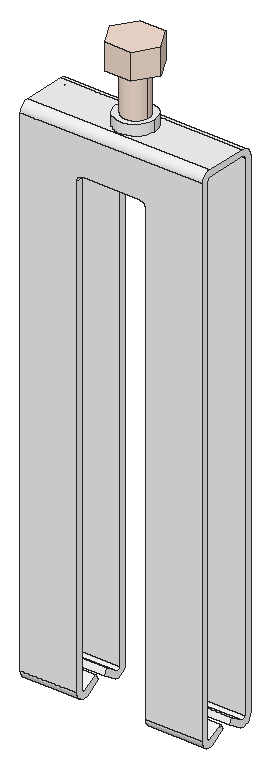
Revit family "ctclip_h38", category 機械設備, Revit 2022
Family settings
  丸型コネクタ寸法 = 直径を使用
  種別 = なし
  パーツ タイプ = 標準
  作業面ベース = いいえ
  常に垂直 = はい
  ロード時にボイドで切り取り = いいえ
  注釈の向きを維持 = いいえ
  共有 = いいえ
  部屋計算ポイント = いいえ
Parameters
  製造元 = "株式会社桐井製作所"
  既定の高さ = 0 mm
  URL = "https://www.kirii.co.jp/"
  K_材質 = "溶融亜鉛めっき鋼板及び鋼帯 SGCC 一般用"
  K_品名 = "CTクリップH=38"
  K_名称 = "クリップ"
  K_入数 = "200"
  K_バージョン情報 = "20220411"
  K_めっき付着量 = "Z12"
  K_JIS規格 = "JIS G 3302"
Reference planes
  plane 1 "中心(正面/背面)": y = 0
  plane 2: z = 0
  plane 3 "中心(左/右)": x = 0
Forms (mm)
  Extrusion 1, void
    sketch origin (0, 0, 0) x (1, 0, 0) y (0, 1, 0)
      loop
        circle (0, 0) r 2.5
    from 7.437 to 8.637
  Extrusion 2, solid
    sketch origin (0, 0, 0) x (1, 0, 0) y (0, 1, 0)
      loop
        circle (0, 0) r 3.691
      loop
        circle (0, 0) r 2.5
    from 8.637 to 10.637
  Extrusion 3, void
    sketch origin (0, 0, 0) x (1, 0, 0) y (0, 0, 1)
      loop
        line (-6.6, -92.897) -> (6.6, -92.897) -> (6.6, -1)
        arc (6.6, -1) -> (6.307, -0.293) -> (5.6, 0) r 1
        line (5.6, 0) -> (-5.6, 0)
        arc (-5.6, 0) -> (-6.307, -0.293) -> (-6.6, -1) r 1
        line (-6.6, -1) -> (-6.6, -92.897)
    from -5.8 to 5.8
  Extrusion 4, solid
    sketch origin (0, 0, 7.437) x (0, 1, 0) y (0, 0, 1)
      loop
        line (-4.6, -97.119) -> (-4.6, -0.5)
        arc (-4.6, -0.5) -> (-4.454, -0.146) -> (-4.1, 0) r 0.5
        line (-4.1, 0) -> (4.1, 0)
        arc (4.1, 0) -> (4.454, -0.146) -> (4.6, -0.5) r 0.5
        line (4.6, -0.5) -> (4.6, -97.119)
        arc (4.6, -97.119) -> (4.389, -97.527) -> (3.935, -97.591) r 0.5
        line (3.935, -97.591) -> (1.386, -96) -> (0.8, -97.047) -> (3.538, -98.704)
        arc (3.538, -98.704) -> (5.083, -98.487) -> (5.8, -97.1) r 1.7
        line (5.8, -97.1) -> (5.8, -0.5)
        arc (5.8, -0.5) -> (5.302, 0.702) -> (4.1, 1.2) r 1.7
        line (4.1, 1.2) -> (-4.1, 1.2)
        arc (-4.1, 1.2) -> (-5.302, 0.702) -> (-5.8, -0.5) r 1.7
        line (-5.8, -0.5) -> (-5.8, -97.1)
        arc (-5.8, -97.1) -> (-5.083, -98.487) -> (-3.538, -98.704) r 1.7
        line (-3.538, -98.704) -> (-0.8, -97.047) -> (-1.386, -96) -> (-3.935, -97.591)
        arc (-3.935, -97.591) -> (-4.389, -97.527) -> (-4.6, -97.119) r 0.5
    from -17.6 to 17.6
Cuts and joins
  Extrusion 3 cuts Extrusion 2
  Extrusion 1, Extrusion 3 cuts Extrusion 4
  joined: Extrusion 2, Extrusion 4
Dimensions and locks
  aligned and locked: level to plane 2
Nested families
  nested 1: "M5×25ボルト" at (0.011, -0.034, 18.824) x (1, 0, 0) z (0, 1, 0), type "M5×25ボルト"
Definition of nested family "M5×25ボルト"
  Parameters (values of type "M5×25ボルト")
    Manufacturer = "株式会社桐井製作所"
    Default Elevation = 0 mm
    URL = "https://www.kirii.co.jp/"
    K_名称 = "M6×25ボルト"
  Reference planes
    plane 1 "中心(正面/背面)": y = 0
    plane 2: z = 0
    plane 3 "中心(左/右)": x = 0
    plane 4 "正面": y = -5
  Forms (mm)
    Extrusion 1, solid
      sketch origin (0, 0, 0.234) x (1, 0, 0) y (0, 0, 1)
        loop
          line (4.989, -0.2) -> (2.489, 4.13) -> (-2.511, 4.13) -> (-5.011, -0.2) -> (-2.511, -4.531) -> (2.489, -4.531) -> (4.989, -0.2)
      from 0 to 5
    Extrusion 2, solid
      sketch origin (0, 0, 0.234) x (1, 0, 0) y (0, 0, 1)
        loop
          circle (-0.011, -0.2) r 2.5
      from 0 to -20
  Cuts and joins
    joined: Extrusion 1, Extrusion 2
  Dimensions and locks
    aligned and locked: level to plane 2
